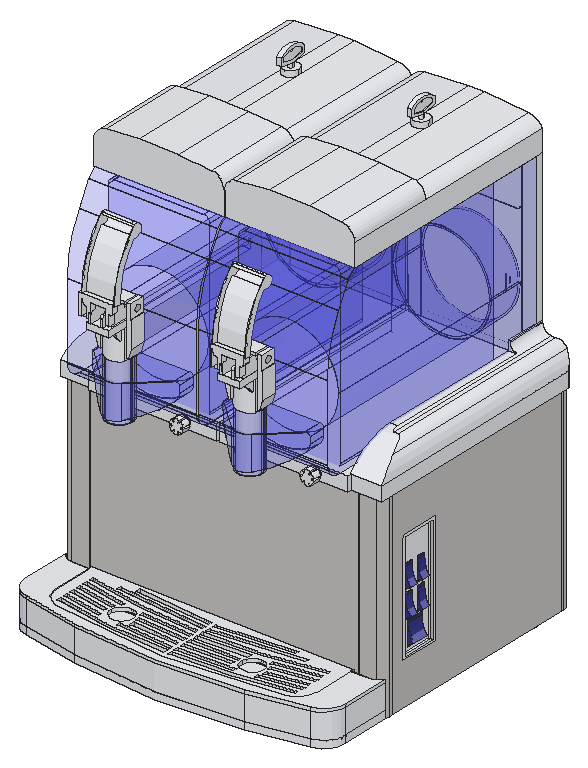
Revit family "QF_ELECTROLUXPROFESSIONAL_560099_SP2New", category Specialty Equipment, Revit 2018 (continued)
Lines and regions (mm)
  symbolic lines
    curve 12: line (2.783, -161.117, 14) -> (2.783, -167.117, 14)
    curve 13: line (2.783, -172.117, 14) -> (2.783, -178.117, 14)
    curve 14: line (2.783, -183.117, 14) -> (2.783, -189.117, 14)
    curve 15: line (2.783, -194.117, 14) -> (2.783, -200.117, 14)
    curve 16: line (2.783, -205.117, 14) -> (2.783, -211.117, 14)
    curve 17: arc (2.783, -211.117, 14) -> (35.925, -210.286, 14) -> (69, -208.033, 14) r 772.106
    curve 18: arc (164.485, -187.256, 14) -> (137.825, -192.623, 14) -> (110.991, -197.04, 14) r 766.106
    curve 19: arc (2.783, -200.117, 14) -> (35.926, -199.274, 14) -> (69, -196.988, 14) r 761.106
    curve 20: arc (69, -190.963, 14) -> (35.926, -193.267, 14) -> (2.783, -194.117, 14) r 755.106
    curve 21: arc (2.783, -189.117, 14) -> (35.228, -188.295, 14) -> (67.608, -186.069, 14) r 750.106
    curve 22: arc (62.063, -180.53, 14) -> (32.449, -182.414, 14) -> (2.783, -183.117, 14) r 744.106
    curve 23: arc (2.783, -178.117, 14) -> (30.123, -177.508, 14) -> (57.422, -175.888, 14) r 739.106
    curve 24: arc (51.822, -170.288, 14) -> (27.318, -171.613, 14) -> (2.783, -172.117, 14) r 733.106
    curve 25: arc (2.783, -167.117, 14) -> (24.968, -166.694, 14) -> (47.129, -165.595, 14) r 728.106
    curve 26: arc (41.464, -159.931, 14) -> (22.132, -160.783, 14) -> (2.783, -161.117, 14) r 722.106
    curve 27: arc (2.783, -156.117, 14) -> (19.755, -155.85, 14) -> (36.715, -155.182, 14) r 717.106
    curve 28: line (164.485, -193.398, 14) -> (164.485, -187.256, 14)
    curve 29: line (164.485, -182.136, 14) -> (164.485, -175.99, 14)
    curve 30: line (164.485, -170.866, 14) -> (164.485, -164.715, 14)
    curve 31: line (164.485, -159.587, 14) -> (164.485, -153.432, 14)
    curve 32: arc (164.485, -153.432, 14) -> (152.163, -156.157, 14) -> (139.797, -158.67, 14) r 733.106
    curve 33: arc (164.485, -164.715, 14) -> (145.534, -168.752, 14) -> (126.484, -172.294, 14) r 744.106
    curve 34: arc (164.485, -175.99, 14) -> (138.736, -181.268, 14) -> (112.82, -185.647, 14) r 755.106
    curve 35: arc (132.277, -166.189, 14) -> (148.418, -163.067, 14) -> (164.485, -159.587, 14) r 739.106
    curve 36: arc (118.814, -179.653, 14) -> (141.717, -175.613, 14) -> (164.485, -170.866, 14) r 750.106
    curve 37: arc (111, -191.985, 14) -> (137.83, -187.538, 14) -> (164.485, -182.136, 14) r 761.106
    curve 38: arc (69, -202.009, 14) -> (35.925, -204.28, 14) -> (2.783, -205.117, 14) r 766.106
    curve 39: arc (111.004, -203.101, 14) -> (137.83, -198.721, 14) -> (164.485, -193.398, 14) r 772.106
    curve 40: line (97.267, -160.486, 14) -> (97.267, -153, 14)
    curve 41: line (82.733, -160.486, 14) -> (82.733, -153, 14)
    curve 42: arc (105.17, -170.997, 14) -> (90.017, -158.677, 14) -> (74.837, -170.964, 14) r 15.5
    curve 43: line (-7, -121.793, 14) -> (9.534, -121.793, 14)
    curve 44: line (-7, -137.647, 14) -> (9.534, -137.647, 14)
    curve 45: line (2.783, -161.117, 14) -> (2.783, -113, 14)
    curve 46: line (-180.657, -118, 14) -> (-180.657, -174.118, 14)
    curve 47: arc (-180.657, -174.118, 14) -> (-173.912, -193.071, 14) -> (-156.71, -203.501, 14) r 30
    curve 48: line (-2.783, -161.117, 14) -> (-2.783, -167.117, 14)
    curve 49: line (-2.783, -172.117, 14) -> (-2.783, -178.117, 14)
    curve 50: line (-2.783, -183.117, 14) -> (-2.783, -189.117, 14)
    curve 51: line (-2.783, -194.117, 14) -> (-2.783, -200.117, 14)
    curve 52: line (-2.783, -205.117, 14) -> (-2.783, -211.117, 14)
    curve 53: arc (-2.783, -211.117, 14) -> (-35.925, -210.286, 14) -> (-69, -208.033, 14) r 772.106
    curve 54: arc (-164.485, -187.256, 14) -> (-137.825, -192.623, 14) -> (-110.991, -197.04, 14) r 766.106
    curve 55: arc (-2.783, -200.117, 14) -> (-35.926, -199.274, 14) -> (-69, -196.988, 14) r 761.106
    curve 56: arc (-69, -190.963, 14) -> (-35.926, -193.267, 14) -> (-2.783, -194.117, 14) r 755.106
    curve 57: arc (-2.783, -189.117, 14) -> (-35.307, -188.291, 14) -> (-67.764, -186.055, 14) r 750.106
    curve 58: arc (-62.01, -180.534, 14) -> (-32.422, -182.416, 14) -> (-2.783, -183.117, 14) r 744.106
    curve 59: arc (-2.783, -178.117, 14) -> (-30.21, -177.505, 14) -> (-57.595, -175.875, 14) r 739.106
    curve 60: arc (-51.822, -170.288, 14) -> (-27.318, -171.613, 14) -> (-2.783, -172.117, 14) r 733.106
    curve 61: arc (-2.783, -167.117, 14) -> (-24.922, -166.696, 14) -> (-47.037, -165.601, 14) r 728.106
    curve 62: arc (-41.44, -159.932, 14) -> (-22.12, -160.783, 14) -> (-2.783, -161.117, 14) r 722.106
    curve 63: arc (-2.783, -156.117, 14) -> (-19.759, -155.85, 14) -> (-36.723, -155.181, 14) r 717.106
    curve 64: line (-164.485, -193.398, 14) -> (-164.485, -187.256, 14)
    curve 65: line (-164.485, -182.136, 14) -> (-164.485, -175.99, 14)
    curve 66: line (-164.485, -170.866, 14) -> (-164.485, -164.715, 14)
    curve 67: line (-164.485, -159.587, 14) -> (-164.485, -153.432, 14)
    curve 68: arc (-164.485, -153.432, 14) -> (-152.209, -156.147, 14) -> (-139.888, -158.652, 14) r 733.106
    curve 69: arc (-164.485, -164.715, 14) -> (-145.359, -168.786, 14) -> (-126.134, -172.354, 14) r 744.106
    curve 70: arc (-164.485, -175.99, 14) -> (-138.838, -181.249, 14) -> (-113.024, -185.616, 14) r 755.106
    curve 71: arc (-132.258, -166.193, 14) -> (-148.408, -163.069, 14) -> (-164.485, -159.587, 14) r 739.106
    curve 72: arc (-118.936, -179.633, 14) -> (-141.778, -175.602, 14) -> (-164.485, -170.866, 14) r 750.106
    curve 73: arc (-111.098, -191.97, 14) -> (-137.879, -187.529, 14) -> (-164.485, -182.136, 14) r 761.106
    curve 74: arc (-69, -202.009, 14) -> (-35.925, -204.28, 14) -> (-2.783, -205.117, 14) r 766.106
    curve 75: arc (-111.004, -203.101, 14) -> (-137.83, -198.721, 14) -> (-164.485, -193.398, 14) r 772.106
    curve 76: line (-97.267, -160.486, 14) -> (-97.267, -153, 14)
    curve 77: line (-82.733, -160.486, 14) -> (-82.733, -153, 14)
    curve 78: arc (-105.172, -171.007, 14) -> (-90.045, -158.677, 14) -> (-74.846, -170.919, 14) r 15.5
    curve 79: line (-2.783, -161.117, 14) -> (-2.783, -113, 14)
    curve 80: arc (73.294, -216.009, 14) -> (0.004, -219.475, 14) -> (-73.287, -216.01, 14) r 776.665
    curve 81: arc (-111.031, -211.498, 14) -> (-133.93, -207.84, 14) -> (-156.71, -203.501, 14) r 776.665
Dimensions and locks
  plane 4 "FEET" to level = 14 mm
  plane 6 "LEFT" to plane 3 "Center (Left/Right)" to plane 7 "RIGHT" = 223.5 mm, 223.5 mm
  locked: plane 6 "LEFT" to plane 7 "RIGHT" at 447
  plane 7 "RIGHT" to plane 6 "LEFT" = 447 mm
  plane 5 "BACK" to plane 12 "FRONT" = 442 mm
  aligned and locked: level to plane 2 "BASE"
Nested families
  nested 1: "SP2_Vasca_L" at (-89.477, 0, 0), type "SP2_Vasca_L"
  nested 2: "SP2_Vasca_R" at (90.523, 0, 0), type "SP2_Vasca_R"
Connectors
  electrical at (-176.5, -31, 4)
    settings: on Extrusion 9, index 1, voltage 0 V, apparent load 0 VA, apparent load phase1 0 VA, apparent load phase2 0 VA, apparent load phase3 0 VA, power factor 1, load classification "Other", number of poles 1, system type 30, power factor state 1, is connector primary yes, connector utility no, sub classification motor no, connector description "Electrical connection"
  electrical at (-176.5, -31, 4)
    settings: on Extrusion 9, index 2, voltage 0 V, apparent load 0 VA, apparent load phase1 0 VA, apparent load phase2 0 VA, apparent load phase3 0 VA, power factor 1, load classification "Other", number of poles 1, system type 30, power factor state 1, is connector primary no, connector utility no, sub classification motor no, connector description ""
Definition of nested family "SP2_Vasca_L"
  Parameters (values of type "SP2_Vasca_L")
    Weight = 28.00 kg
    Watts = 32.5161 W
    Volts = 230 V
    URL Manufacturer = "http://professional.electrolux.com"
    URL = "http://professional.electrolux.com"
    Steam Supply Size = 0 mm
    Steam Supply Minimum Pressure = 0.0 Pa
    Steam Supply Maximum Pressure = 0.0 Pa
    Steam Pounds per Hour = 0
    Refrigeration Suction Line Size = 0 mm
    Refrigeration Liquid Line Size = 0 mm
    Refrigerant Compressor Remote = yes
    Phase = 1
    Model = "SP1ITNK"
    Manufacturer = "Electrolux"
    Length Actual = 262 mm  # constant formula
    Item Number = "560011"
    Hot Water Size = 0 mm
    Height Actual = 612 mm  # constant formula
    HP = "0.5 HP"
    Gas Size = 0 mm
    Gas KW = 0
    Gas Input Pressure = 0 W
    Description = "1X5 LT BOWL - FROZEN GRANITA AND FROZEN CREAM DISPENSER - 1 INSULATED BOWL - WHITE"
    Depth Actual = 427 mm  # constant formula
    Cycle = 50 Hz
    Condensate Return Size = 0 mm
    Compressed Air Volume = 0.0 L/s
    Compressed Air Size = 0 mm
    Compressed Air Pressure = 0.0 Pa
    Cold Water Size = 0 mm
    Accessory = yes
  Reference planes
    plane 1 "Center (Front/Back)": y = 0
    plane 2 "BASE": z = 0
    plane 3 "Center (Left/Right)": x = 0
    plane 4 "FEET": z = 14
    plane 5 "BACK": y = 212
    plane 6 "LEFT": x = -134.023
    plane 7 "RIGHT": x = 134
    plane 8: y = 169
    plane 9: y = -118.5
    plane 10 "Erogatore": through (0, -232.305, 334.252) normal (0, -0.5736, 0.8192)
    plane 11: y = -81
    plane 12 "BackButton": z = 362.798
    plane 13 "SlopeBack": through (0, 294.5, 470.764) normal (0, 0.9659, 0.2588)
    plane 14 "TOP": z = 640
    plane 15 "FRONT": y = -216
  Forms (mm)
    Extrusion 1, solid
      sketch origin (0, 212, 0) x (-1, 0, 0) y (0, 0, 1)
        loop
          circle (0, 394.542) r 65
        loop
          circle (0, 394.542) r 68
      from -59.276 to -10
    Extrusion 2, solid
      sketch origin (0.189, -212, -123.048) x (-1, 0, 0) y (0, 0, 1)
        loop
          line (41.631, 426.74) -> (42.799, 423.85)
          arc (42.799, 423.85) -> (41.998, 423.46) -> (41.26, 422.962) r 6.382
          line (41.26, 422.962) -> (39.342, 425.418)
          arc (39.342, 425.418) -> (36.964, 422.682) -> (35.784, 419.255) r 9.498
          line (35.784, 419.255) -> (38.87, 418.821)
          arc (38.87, 418.821) -> (38.808, 417.933) -> (38.87, 417.045) r 6.382
          line (38.87, 417.045) -> (35.784, 416.611)
          arc (35.784, 416.611) -> (36.964, 413.184) -> (39.342, 410.449) r 9.498
          line (39.342, 410.449) -> (41.26, 412.904)
          arc (41.26, 412.904) -> (41.998, 412.406) -> (42.799, 412.016) r 6.382
          line (42.799, 412.016) -> (41.631, 409.127)
          arc (41.631, 409.127) -> (45.189, 408.435) -> (48.747, 409.127) r 9.498
          line (48.747, 409.127) -> (47.58, 412.016)
          arc (47.58, 412.016) -> (48.38, 412.406) -> (49.118, 412.904) r 6.382
          line (49.118, 412.904) -> (51.037, 410.449)
          arc (51.037, 410.449) -> (53.415, 413.184) -> (54.595, 416.611) r 9.498
          line (54.595, 416.611) -> (51.509, 417.045)
          arc (51.509, 417.045) -> (51.571, 417.933) -> (51.509, 418.821) r 6.382
          line (51.509, 418.821) -> (54.595, 419.255)
          arc (54.595, 419.255) -> (53.415, 422.682) -> (51.037, 425.418) r 9.498
          line (51.037, 425.418) -> (49.118, 422.962)
          arc (49.118, 422.962) -> (48.38, 423.46) -> (47.58, 423.85) r 6.382
          line (47.58, 423.85) -> (48.747, 426.74)
          arc (48.747, 426.74) -> (45.189, 427.431) -> (41.631, 426.74) r 9.498
      from 74.796 to 85.6
    Extrusion 3, solid
      sketch origin (0, 48.357, 801) x (-1, 0, 0) y (0, -1, 0)
        loop
          circle (0, 226.958) r 15.5
      from -371.98 to -493
    Extrusion 4, solid
      sketch origin (0, 48.357, 801) x (-1, 0, 0) y (0, -1, 0)
        loop
          circle (0, 226.958) r 18
        loop
          circle (0, 226.958) r 16
      from -413.102 to -493
    Extrusion 5, solid
      sketch origin (0, 48.357, 801) x (-1, 0, 0) y (0, -1, 0)
        loop
          arc (-15.227, 216.452) -> (0, 208.458) -> (15.227, 216.452) r 18.5
          line (15.227, 216.452) -> (15.227, 237.464)
          arc (15.227, 237.464) -> (0, 245.458) -> (-15.227, 237.464) r 18.5
          line (-15.227, 237.464) -> (-15.227, 216.452)
      from -371.98 to -413.102
    Extrusion 6, solid
      sketch origin (0, 55.382, 805.556) x (-1, 0, 0) y (0, -1, 0)
        loop
          line (15.227, 271.382) -> (-15.227, 271.382) -> (-15.227, 213.658) -> (15.227, 213.658) -> (15.227, 271.382)
      from -368.017 to -376.536
    Extrusion 7, solid
      sketch origin (0, 53.382, -125.444) x (0, 1, 0) y (0, 0, 1)
        loop
          line (-261.382, 594.51) -> (-261.382, 596.294)
          arc (-261.382, 596.294) -> (-255.05, 633.384) -> (-236.771, 666.272) r 111.793
          arc (-236.771, 666.272) -> (-224.219, 671.737) -> (-234.339, 680.956) r 8.155
          arc (-234.339, 680.956) -> (-260.275, 642.108) -> (-269.382, 596.294) r 119.793
          line (-269.382, 596.294) -> (-269.382, 594.51) -> (-261.382, 594.51)
      from 23.02 to -23.02
    Extrusion 8, void
      sketch origin (0, -212, -130.102) x (-1, 0, 0) y (0, 0, 1)
        loop
          line (-23.02, 594.51) -> (-23.02, 567.641) -> (-15.227, 567.641) -> (-15.227, 586.659)
          arc (-15.227, 586.659) -> (-20.449, 589.269) -> (-23.02, 594.51) r 9.122
        loop
          arc (23.02, 594.51) -> (20.449, 589.269) -> (15.227, 586.659) r 9.122
          line (15.227, 586.659) -> (15.227, 567.641) -> (23.02, 567.641) -> (23.02, 594.51)
        loop
          line (-10.018, 592.641) -> (-10.018, 567.641) -> (9.982, 567.641) -> (9.982, 592.641) -> (-10.018, 592.641)
      from 4 to -4
    Extrusion 9, void
      sketch origin (0, 53.382, -125.444) x (0, 1, 0) y (0, 0, 1)
        loop
          arc (-238.506, 676.569) -> (-261.397, 639.298) -> (-269.382, 596.294) r 119.793
          line (-269.382, 596.294) -> (-262.382, 596.294)
          arc (-262.382, 596.294) -> (-255.831, 634.173) -> (-236.94, 667.653) r 112.793
          arc (-236.94, 667.653) -> (-225.218, 674.307) -> (-238.506, 676.569) r 7.155
      from 22 to -22
    Extrusion 10, solid
      sketch origin (-134.023, 53.382, -125.444) x (0, 1, 0) y (0, 0, 1)
        loop
          line (-261.382, 596.294) -> (-269.382, 596.294) -> (-269.382, 567.641) -> (-261.382, 567.641) -> (-261.382, 596.294)
      from 154.02 to 107.98
    Extrusion 11, solid
      sketch origin (-134.023, 55.382, -130.102) x (0, 1, 0) y (0, 0, 1)
        loop
          line (-263.382, 567.641) -> (-223.382, 567.641) -> (-223.382, 587.641) -> (-256.513, 587.641)
          arc (-256.513, 587.641) -> (-261.37, 589.653) -> (-263.382, 594.51) r 6.869
          line (-263.382, 594.51) -> (-263.382, 567.641)
      from 115.773 to 107.98
    Extrusion 12, solid
      sketch origin (-134.023, 55.382, -130.102) x (0, 1, 0) y (0, 0, 1)
        loop
          line (-263.382, 567.641) -> (-224.483, 567.641) -> (-224.483, 587.641) -> (-256.513, 587.641)
          arc (-256.513, 587.641) -> (-261.37, 589.653) -> (-263.382, 594.51) r 6.869
          line (-263.382, 594.51) -> (-263.382, 567.641)
      from 115.773 to 121.018
    Extrusion 13, solid
      sketch origin (-134.023, 55.382, -125.444) x (0, 1, 0) y (0, 0, 1)
        loop
          line (-248.575, 539.464) -> (-246.902, 539.464) -> (-246.902, 554.464) -> (-261.615, 554.464) -> (-248.575, 539.464)
      from 115.773 to 118.85
    Extrusion 14, solid
      sketch origin (-134.023, 55.382, -125.444) x (0, 1, 0) y (0, 0, 1)
        loop
          line (-246.902, 554.464) -> (-261.615, 554.464) -> (-248.575, 539.464) -> (-246.902, 539.464) -> (-246.902, 554.464)
      from 143.221 to 146.227
    Extrusion 15, solid
      sketch origin (-134.023, 55.382, -125.444) x (0, 1, 0) y (0, 0, 1)
        loop
          line (-263.382, 562.983) -> (-224.483, 562.983) -> (-224.483, 582.983) -> (-256.513, 582.983)
          arc (-256.513, 582.983) -> (-261.37, 584.995) -> (-263.382, 589.852) r 6.869
          line (-263.382, 589.852) -> (-263.382, 562.983)
      from 141.018 to 146.227
    Extrusion 16, solid
      sketch origin (-134.023, 53.382, -130.102) x (0, 1, 0) y (0, 0, 1)
        loop
          line (-269.382, 567.641) -> (-221.382, 567.641) -> (-221.382, 586.659) -> (-258.382, 586.659)
          arc (-258.382, 586.659) -> (-260.503, 585.78) -> (-261.382, 583.659) r 3
          line (-261.382, 583.659) -> (-261.382, 582.15) -> (-266.382, 582.15)
          arc (-266.382, 582.15) -> (-268.503, 581.271) -> (-269.382, 579.15) r 3
          line (-269.382, 579.15) -> (-269.382, 567.641)
      from 124.546 to 121.018
    Extrusion 17, solid
      sketch origin (-134.023, 65.803, -125.444) x (0, 1, 0) y (0, 0, 1)
        loop
          line (-281.803, 562.983) -> (-234.904, 562.983) -> (-234.904, 582.001) -> (-270.803, 582.001)
          arc (-270.803, 582.001) -> (-272.924, 581.122) -> (-273.803, 579.001) r 3
          line (-273.803, 579.001) -> (-273.803, 577.492) -> (-278.803, 577.492)
          arc (-278.803, 577.492) -> (-280.924, 576.613) -> (-281.803, 574.492) r 3
          line (-281.803, 574.492) -> (-281.803, 562.983)
      from 137.49 to 141.018
    Extrusion 18, solid
      sketch origin (0, -212, -125.444) x (-1, 0, 0) y (0, 0, 1)
        loop
          line (-18, 517.898) -> (-18, 586.659) -> (-23.482, 586.659) -> (-23.482, 567.641) -> (-24.969, 567.641) -> (-24.969, 530.88) -> (-21, 517.898) -> (-18, 517.898)
        loop
          line (18, 517.898) -> (21, 517.898) -> (24.969, 530.88) -> (24.969, 567.641) -> (23.482, 567.641) -> (23.482, 586.659) -> (18, 586.659) -> (18, 517.898)
      from 43.905 to 22.893
    Extrusion 19, solid
      sketch origin (0, 65.803, 805.556) x (-1, 0, 0) y (0, -1, 0)
        loop
          line (-15.227, 254.91) -> (-15.227, 233.898) -> (15.227, 233.898) -> (15.227, 254.91) -> (-15.227, 254.91)
      from -344.341 to -348.017
    Extrusion 20, void
      sketch origin (0, 56.778, -130) x (0, 1, 0) y (0, 0, 1)
        loop
          circle (-234.353, 582.005) r 3.978
      from 24.969 to -24.969
    Extrusion 21, solid
      sketch origin (0, 56.226, -130) x (0, 1, 0) y (0, 0, 1)
        loop
          circle (-234.353, 582.005) r 3.978
      from 24 to -24
    Extrusion 22, void
      sketch origin (-27, 240.916, -119) x (0, 0, 1) y (-1, 0, 0)
        loop
          line (496.312, -81.169) -> (519.521, -81.169)
          arc (519.521, -81.169) -> (523.021, -77.669) -> (519.521, -74.169) r 3.5
          line (519.521, -74.169) -> (496.312, -74.169)
          arc (496.312, -74.169) -> (492.812, -77.669) -> (496.312, -81.169) r 3.5
      from 28.916 to 38.079
    Extrusion 23, solid
      sketch origin (-27, 240.916, -119) x (0, 0, 1) y (-1, 0, 0)
        loop
          line (507.945, -79.669) -> (517.521, -79.669) -> (517.521, -75.669) -> (507.945, -75.669) -> (507.945, -79.669)
      from 32.664 to 38.079
    Extrusion 24, void
      sketch origin (0, 0, 0) x (0, 1, 0) y (0, 0, 1)
        loop
          line (157, 351) -> (-115.977, 351) -> (-115.977, 306)
          arc (-115.977, 306) -> (-85.566, 329.6) -> (-48, 338) r 88.201
          line (-48, 338) -> (157, 338) -> (157, 351)
      from -135 to 135
    Extrusion 25, solid
      sketch origin (0, 212, 0) x (-1, 0, 0) y (0, 0, 1)
        loop
          circle (0, 394.542) r 68
        loop
          line (69.972, 309) -> (69.972, 543)
          arc (69.972, 543) -> (67.629, 548.657) -> (61.972, 551) r 8
          line (61.972, 551) -> (-62.028, 551)
          arc (-62.028, 551) -> (-67.685, 548.657) -> (-70.028, 543) r 8
          line (-70.028, 543) -> (-70.028, 308.956)
          arc (-70.028, 308.956) -> (-67.698, 303.33) -> (-62.072, 301) r 7.956
          line (-62.072, 301) -> (61.972, 301)
          arc (61.972, 301) -> (67.629, 303.343) -> (69.972, 309) r 8
      from -59.276 to -322.829
    Extrusion 26, solid
      sketch origin (0, 212, 0) x (-1, 0, 0) y (0, 0, 1)
        loop
          line (90.028, 558.048) -> (90.028, 589.456)
          arc (90.028, 589.456) -> (84.981, 602.738) -> (72.387, 609.316) r 20
          arc (72.387, 609.316) -> (49.793, 611.577) -> (27.131, 613) r 613.713
          line (27.131, 613) -> (-27.131, 613)
          arc (-27.131, 613) -> (-49.793, 611.577) -> (-72.387, 609.316) r 613.713
          arc (-72.387, 609.316) -> (-84.981, 602.738) -> (-90.028, 589.456) r 20
          line (-90.028, 589.456) -> (-90.028, 558.048) -> (90.028, 558.048)
      from 0 to -322.829
    Extrusion 27, solid
      sketch origin (0, -212, 0) x (-1, 0, 0) y (0, 0, 1)
        loop
          line (88, 306) -> (-88, 306) -> (-88, 286) -> (88, 286) -> (88, 306)
      from 90.501 to 414
    Extrusion 28, solid
      sketch origin (-0.189, -212, -123.048) x (1, 0, 0) y (0, 0, -1)
        loop
          arc (41.631, -426.74) -> (45.189, -427.431) -> (48.747, -426.74) r 9.498
          line (48.747, -426.74) -> (47.58, -423.85)
          arc (47.58, -423.85) -> (48.38, -423.46) -> (49.118, -422.962) r 6.382
          line (49.118, -422.962) -> (51.037, -425.418)
          arc (51.037, -425.418) -> (53.415, -422.682) -> (54.595, -419.255) r 9.498
          line (54.595, -419.255) -> (51.509, -418.821)
          arc (51.509, -418.821) -> (51.571, -417.933) -> (51.509, -417.045) r 6.382
          line (51.509, -417.045) -> (54.595, -416.611)
          arc (54.595, -416.611) -> (53.415, -413.184) -> (51.037, -410.449) r 9.498
          line (51.037, -410.449) -> (49.118, -412.904)
          arc (49.118, -412.904) -> (48.38, -412.406) -> (47.58, -412.016) r 6.382
          line (47.58, -412.016) -> (48.747, -409.127)
          arc (48.747, -409.127) -> (45.189, -408.435) -> (41.631, -409.127) r 9.498
          line (41.631, -409.127) -> (42.799, -412.016)
          arc (42.799, -412.016) -> (41.998, -412.406) -> (41.26, -412.904) r 6.382
          line (41.26, -412.904) -> (39.342, -410.449)
          arc (39.342, -410.449) -> (36.964, -413.184) -> (35.784, -416.611) r 9.498
          line (35.784, -416.611) -> (38.87, -417.045)
          arc (38.87, -417.045) -> (38.808, -417.933) -> (38.87, -418.821) r 6.382
          line (38.87, -418.821) -> (35.784, -419.255)
          arc (35.784, -419.255) -> (36.964, -422.682) -> (39.342, -425.418) r 9.498
          line (39.342, -425.418) -> (41.26, -422.962)
          arc (41.26, -422.962) -> (41.998, -423.46) -> (42.799, -423.85) r 6.382
          line (42.799, -423.85) -> (41.631, -426.74)
      from 74.796 to 85.6
    Extrusion 29, solid
      sketch origin (-134.023, 55.382, -125.444) x (0, 1, 0) y (0, 0, 1)
        loop
          line (-261.615, 554.464) -> (-248.575, 539.464) -> (-246.902, 539.464) -> (-246.902, 554.464) -> (-261.615, 554.464)
      from 143.221 to 146.227
    Extrusion 30, void
      sketch origin (0, 0, 14) x (-1, 0, 0) y (0, -1, 0)
        loop
          line (68.799, 141.983) -> (68.799, 216) -> (-68.799, 216) -> (-68.799, 141.983) -> (-14.053, 193.527)
          arc (-14.053, 193.527) -> (0, 199.101) -> (14.053, 193.527) r 20.5
          line (14.053, 193.527) -> (68.799, 141.983)
      from 285.914 to 353.792
    Extrusion 31, solid
      sketch origin (0, -212, 0) x (-1, 0, 0) y (0, 0, 1)
        loop
          line (55, 361.368) -> (-55, 361.368)
          arc (-55, 361.368) -> (-58.536, 359.903) -> (-60, 356.368) r 5
          line (-60, 356.368) -> (-60, 346.588)
          arc (-60, 346.588) -> (-58.765, 340.628) -> (-55.264, 335.649) r 15
          arc (-55.264, 335.649) -> (0, 313.78) -> (55.264, 335.649) r 80.762
          arc (55.264, 335.649) -> (58.765, 340.628) -> (60, 346.588) r 15
          line (60, 346.588) -> (60, 356.368)
          arc (60, 356.368) -> (58.536, 359.903) -> (55, 361.368) r 5
      from 85.6 to 6.421
    Extrusion 32, solid
      sketch origin (0.031, 16.704, -263) x (0, 1, 0) y (0, 0, 1)
        loop
          line (99.092, 881.377) -> (118.655, 885.535) -> (118.655, 895.535)
          arc (118.655, 895.535) -> (99.092, 903) -> (79.529, 895.535) r 29.367
          line (79.529, 895.535) -> (79.529, 885.535) -> (99.092, 881.377)
        loop
          arc (115.655, 894.149) -> (99.092, 900) -> (82.529, 894.149) r 26.367
          line (82.529, 894.149) -> (82.529, 887.965) -> (99.092, 884.444) -> (115.655, 887.965) -> (115.655, 894.149)
      from -3 to 3
    Extrusion 33, solid
      sketch origin (0.031, 16.704, -263) x (0, 1, 0) y (0, 0, 1)
        loop
          line (115.655, 887.965) -> (115.655, 894.149)
          arc (115.655, 894.149) -> (99.092, 900) -> (82.529, 894.149) r 26.367
          line (82.529, 894.149) -> (82.529, 887.965) -> (99.092, 884.444) -> (115.655, 887.965)
        loop
          circle (99.092, 896.274) r 2.509
      from 1 to -1
    Extrusion 34, solid
      sketch origin (0.031, 16.704, 667) x (-1, 0, 0) y (0, -1, 0)
        loop
          circle (0, -99.092) r 3
      from -45.737 to -54
    Extrusion 35, solid
      sketch origin (0, -70, 0) x (1, 0, 0) y (0, 1, 0)
        loop
          circle (0.031, 185.796) r 11
      from 606 to 613
    Extrusion 36, solid
      sketch origin (0, 0, 0) x (0, 1, 0) y (0, 0, 1)
        loop
          arc (-158.276, 334.912) -> (-152.418, 320.769) -> (-138.276, 314.912) r 20
          line (-138.276, 314.912) -> (202, 314.912) -> (202, 558.048) -> (-103.948, 558.048)
          arc (-103.948, 558.048) -> (-114.098, 555.281) -> (-121.44, 547.744) r 20
          line (-121.44, 547.744) -> (-138.215, 517.481)
          arc (-138.215, 517.481) -> (-153.18, 479.972) -> (-158.276, 439.912) r 160
          line (-158.276, 439.912) -> (-158.276, 334.912)
      from -88 to 90.028
    Extrusion 37, void
      sketch origin (0, 212, 0) x (-1, 0, 0) y (0, 0, 1)
        loop
          line (90.028, 588.856) -> (96.254, 588.856) -> (96.254, 613.856) -> (-100.028, 613.856) -> (-100.028, 588.856) -> (-90.028, 588.856)
          arc (-90.028, 588.856) -> (-82.37, 597.635) -> (-71.481, 601.774) r 24
          arc (-71.481, 601.774) -> (-41.299, 604.942) -> (-10.969, 606) r 435.39
          line (-10.969, 606) -> (10.969, 606)
          arc (10.969, 606) -> (41.299, 604.942) -> (71.481, 601.774) r 435.39
          arc (71.481, 601.774) -> (82.37, 597.635) -> (90.028, 588.856) r 24
      from 0 to -201.493
    Extrusion 38, solid
      sketch origin (0, 212, 0) x (-1, 0, 0) y (0, 0, 1)
        loop
          line (-90.028, 558.048) -> (-90.028, 286) -> (88, 286) -> (88, 558.048) -> (-90.028, 558.048)
        loop
          arc (61.972, 301) -> (67.629, 303.343) -> (69.972, 309) r 8
          line (69.972, 309) -> (69.972, 543)
          arc (69.972, 543) -> (67.629, 548.657) -> (61.972, 551) r 8
          line (61.972, 551) -> (-62.028, 551)
          arc (-62.028, 551) -> (-67.685, 548.657) -> (-70.028, 543) r 8
          line (-70.028, 543) -> (-70.028, 308.956)
          arc (-70.028, 308.956) -> (-67.698, 303.33) -> (-62.072, 301) r 7.956
          line (-62.072, 301) -> (61.972, 301)
      from 0 to -10
    Extrusion 39, solid
      sketch origin (0, 212, 0) x (-1, 0, 0) y (0, 0, 1)
        loop
          arc (-70.028, 308.956) -> (-67.698, 303.33) -> (-62.072, 301) r 7.956
          line (-62.072, 301) -> (61.972, 301)
          arc (61.972, 301) -> (67.629, 303.343) -> (69.972, 309) r 8
          line (69.972, 309) -> (69.972, 493.849)
          arc (69.972, 493.849) -> (67.629, 488.193) -> (61.972, 485.849) r 8
          line (61.972, 485.849) -> (-62.028, 485.849)
          arc (-62.028, 485.849) -> (-67.685, 488.193) -> (-70.028, 493.849) r 8
          line (-70.028, 493.849) -> (-70.028, 308.956)
      from 0 to -10
    Extrusion 40, solid
      sketch origin (0, 212, 0) x (-1, 0, 0) y (0, 0, 1)
        loop
          line (-70.028, 543) -> (-70.028, 493.849)
          arc (-70.028, 493.849) -> (-67.685, 488.193) -> (-62.028, 485.849) r 8
          line (-62.028, 485.849) -> (61.972, 485.849)
          arc (61.972, 485.849) -> (67.629, 488.193) -> (69.972, 493.849) r 8
          line (69.972, 493.849) -> (69.972, 543)
          arc (69.972, 543) -> (67.629, 548.657) -> (61.972, 551) r 8
          line (61.972, 551) -> (-62.028, 551)
          arc (-62.028, 551) -> (-67.685, 548.657) -> (-70.028, 543) r 8
      from 0 to -10
    Extrusion 41, void
      sketch origin (0, 212, 0) x (-1, 0, 0) y (0, 0, 1)
        loop
          arc (-74.482, 439.575) -> (-77.31, 438.403) -> (-78.482, 435.575) r 4
          line (-78.482, 435.575) -> (-78.482, 426.169)
          arc (-78.482, 426.169) -> (-77.31, 423.34) -> (-74.482, 422.169) r 4
          line (-74.482, 422.169) -> (-42.482, 422.169)
          arc (-42.482, 422.169) -> (-39.653, 423.34) -> (-38.482, 426.169) r 4
          line (-38.482, 426.169) -> (-38.482, 435.575)
          arc (-38.482, 435.575) -> (-39.653, 438.403) -> (-42.482, 439.575) r 4
          line (-42.482, 439.575) -> (-74.482, 439.575)
      from 0 to -2
    Extrusion 42, solid
      sketch origin (0, 212, 0) x (-1, 0, 0) y (0, 0, 1)
        loop
          arc (-74.482, 438.575) -> (-76.603, 437.696) -> (-77.482, 435.575) r 3
          line (-77.482, 435.575) -> (-77.482, 426.169)
          arc (-77.482, 426.169) -> (-76.603, 424.047) -> (-74.482, 423.169) r 3
          line (-74.482, 423.169) -> (-42.482, 423.169)
          arc (-42.482, 423.169) -> (-40.36, 424.047) -> (-39.482, 426.169) r 3
          line (-39.482, 426.169) -> (-39.482, 435.575)
          arc (-39.482, 435.575) -> (-40.36, 437.696) -> (-42.482, 438.575) r 3
          line (-42.482, 438.575) -> (-74.482, 438.575)
      from 0 to -2
    Extrusion 43, void
      sketch origin (0, 212, 0) x (-1, 0, 0) y (0, 0, 1)
        loop
          line (88, 350.533) -> (86, 350.533) -> (86, 286) -> (88, 286) -> (88, 350.533)
      from 0 to -10
    Extrusion 44, solid
      sketch origin (0.189, -212, -123.048) x (-1, 0, 0) y (0, 0, 1)
        loop
          circle (45.189, 417.933) r 6.382
      from 90.501 to 85.6
    Extrusion 45, solid
      sketch origin (-0.189, -212, -123.048) x (1, 0, 0) y (0, 0, -1)
        loop
          circle (45.189, -417.933) r 6.382
      from 85.6 to 90.501
    Extrusion 46, solid
      sketch origin (0, 212, 0) x (1, 0, 0) y (0, 0, -1)
        loop
          line (-88, -286) -> (-131, -286) -> (-131, -306)
          arc (-131, -306) -> (-129.118, -317.88) -> (-123.658, -328.597) r 38.445
          arc (-123.658, -328.597) -> (-117.695, -334.961) -> (-109.296, -337.309) r 16.194
          line (-109.296, -337.309) -> (-102.317, -337.309)
          arc (-102.317, -337.309) -> (-93.627, -340.909) -> (-90.028, -349.598) r 12.289
          line (-90.028, -349.598) -> (-90.028, -351) -> (-88, -351) -> (-88, -286)
      from 0 to -327.977
    Extrusion 47, void
      sketch origin (89.477, 0, 0) x (-1, 0, 0) y (0, -1, 0)
        loop
          line (210.523, -212) -> (223.5, -212) -> (223.5, -199.023)
          arc (223.5, -199.023) -> (219.699, -208.199) -> (210.523, -212) r 12.977
      from 338 to 286
  Cuts and joins
    Extrusion 8 cuts Extrusion 6
    Extrusion 8, Extrusion 9 cuts Extrusion 7
    Extrusion 8 cuts Extrusion 10
    joined: Extrusion 7, Extrusion 10, Extrusion 11
    joined: Extrusion 5, Extrusion 14
    Extrusion 20 cuts Extrusion 12
    Extrusion 20 cuts Extrusion 15
    Extrusion 20 cuts Extrusion 16
    Extrusion 20 cuts Extrusion 17
    Extrusion 20 cuts Extrusion 18
    Extrusion 22 cuts Extrusion 25
    Extrusion 30 cuts Extrusion 31
    Extrusion 22, Extrusion 41, Extrusion 43 cuts Extrusion 38
    Extrusion 22, Extrusion 41 cuts Extrusion 39
    Extrusion 37 cuts Extrusion 26
    Extrusion 24, Extrusion 47 cuts Extrusion 46
  Lines and regions (mm)
    symbolic lines
      curve 1: line (89.477, 212, 14) -> (89.477, 30.512, 14)
      curve 2: arc (89.477, 30.512, 14) -> (83.619, 16.37, 14) -> (69.477, 10.512, 14) r 20
      curve 3: arc (-90.523, 30.512, 14) -> (-84.665, 16.37, 14) -> (-70.523, 10.512, 14) r 20
      curve 4: line (-90.523, 30.512, 14) -> (-90.523, -113, 14)
      curve 5: line (2.977, 135.359, 14) -> (-3.023, 135.359, 14)
      curve 6: line (2.977, 96.233, 14) -> (2.977, 135.359, 14)
      curve 7: line (-3.023, 96.233, 14) -> (2.977, 96.233, 14)
      curve 8: line (-3.023, 135.359, 14) -> (-3.023, 96.233, 14)
      curve 9: arc (2.977, 105.213, 14) -> (10.977, 115.796, 14) -> (2.977, 126.379, 14) r 11
      curve 10: arc (-3.023, 126.379, 14) -> (-11.023, 115.796, 14) -> (-3.023, 105.213, 14) r 11
      curve 11: arc (89.477, -93, 14) -> (82.183, -87.573, 14) -> (73.338, -85.474, 14) r 22.513
      curve 12: arc (-90.523, -93, 14) -> (-83.229, -87.573, 14) -> (-74.384, -85.474, 14) r 22.513
      curve 13: arc (73.338, -85.474, 14) -> (-0.523, -83, 14) -> (-74.384, -85.474, 14) r 1103.745
      curve 14: line (-0.523, -113, 14) -> (-0.523, -171, 14)
      curve 15: line (82.477, -113, 14) -> (82.477, -153, 14)
      curve 16: line (-80.989, -113, 14) -> (-80.989, -153, 14)
      curve 17: line (-80.989, -153, 14) -> (82.477, -153, 14)
      curve 18: line (-50.989, -153, 14) -> (-21.523, -182.466, 14)
      curve 19: line (20.477, -216, 14) -> (-21.523, -216, 14)
      curve 20: line (-21.523, -216, 14) -> (-21.523, -171, 14)
      curve 21: line (-21.523, -171, 14) -> (20.477, -171, 14)
      curve 22: line (-16.523, -216, 14) -> (-16.523, -181, 14)
      curve 23: line (-16.523, -181, 14) -> (14.477, -181, 14)
      curve 24: line (14.477, -196, 14) -> (-16.523, -196, 14)
      curve 25: line (-55.989, -153, 14) -> (-21.523, -187.466, 14)
      curve 26: line (49.943, -153, 14) -> (20.477, -182.466, 14)
      curve 27: line (54.943, -153, 14) -> (20.477, -187.466, 14)
      curve 28: line (20.477, -216, 14) -> (20.477, -171, 14)
      curve 29: line (14.477, -216, 14) -> (14.477, -181, 14)
      curve 30: line (-121.046, 212, 14) -> (89.477, 212, 14)
      curve 31: line (-90.523, 212, 14) -> (-90.523, 30.512, 14)
      curve 32: line (-90.523, -113, 14) -> (89.477, -113, 14)
      curve 33: line (89.477, -113, 14) -> (89.477, 30.512, 14)
      curve 34: line (-70.523, 10.512, 0) -> (69.477, 10.512, 0)
      curve 35: arc (-114.023, -118, 14) -> (-128.165, -112.142, 14) -> (-134.023, -98, 14) r 20
      curve 36: line (-112.023, 212, 14) -> (-112.023, -50, 14)
      curve 37: line (-112.023, -50, 14) -> (-129.023, -50, 14)
      curve 38: line (-129.023, -50, 14) -> (-129.023, 209.259, 14)
      curve 39: arc (-121.046, 212, 14) -> (-130.222, 208.199, 14) -> (-134.023, 199.023, 14) r 12.977
      curve 40: line (-112.023, -50, 14) -> (-112.023, -67.775, 14)
      curve 41: arc (-112.023, -67.775, 14) -> (-113.99, -92.763, 14) -> (-119.841, -117.135, 14) r 159.732
      curve 42: line (-129.023, -50, 14) -> (-134.023, -85.577, 14)
      curve 43: line (-90.523, 157, 14) -> (-105.523, 157, 14)
      curve 44: line (-105.523, 157, 14) -> (-105.523, -88, 14)
      curve 45: arc (-105.523, -88, 14) -> (-104.059, -99.123, 14) -> (-99.765, -109.488, 14) r 42.977
      curve 46: line (-99.765, -109.488, 14) -> (-90.523, -109.488, 14)
      curve 47: line (-134.023, 199.023, 14) -> (-134.023, -98, 14)
      curve 48: line (-80.989, -118, 14) -> (-114.023, -118, 14)
  Dimensions and locks
    plane 4 "FEET" to level = 14 mm
    plane 6 "LEFT" to plane 3 "Center (Left/Right)" to plane 7 "RIGHT" = 134.023 mm, 134 mm
    plane 5 "BACK" to plane 1 "Center (Front/Back)" = 212 mm
    plane 6 "LEFT" to plane 7 "RIGHT" = 268.023 mm
    plane 5 "BACK" to plane 8 = 43 mm
    plane 8 to plane 11 = 250 mm
    plane 14 "TOP" to level = 640 mm
    plane 15 "FRONT" to plane 5 "BACK" = 428 mm
    plane 5 "BACK" to plane 15 "FRONT" = 428 mm
    Extrusion 35 to level = 613 mm
    Extrusion 35 to level = 606 mm
    aligned and locked: level to plane 2 "BASE"
Definition of nested family "SP2_Vasca_R"
  Parameters (values of type "SP2_Vasca_R")
    Weight = 28.00 kg
    Watts = 32.5161 W
    Volts = 230 V
    URL Manufacturer = "http://professional.electrolux.com"
    URL = "http://professional.electrolux.com"
    Steam Supply Size = 0 mm
    Steam Supply Minimum Pressure = 0.0 Pa
    Steam Supply Maximum Pressure = 0.0 Pa
    Steam Pounds per Hour = 0
    Refrigeration Suction Line Size = 0 mm
    Refrigeration Liquid Line Size = 0 mm
    Refrigerant Compressor Remote = yes
    Phase = 1
    Model = "SP1ITNK"
    Manufacturer = "Electrolux"
    Length Actual = 262 mm  # constant formula
    Item Number = "560011"
    Hot Water Size = 0 mm
    Height Actual = 612 mm  # constant formula
    HP = "0.5 HP"
    Gas Size = 0 mm
    Gas KW = 0
    Gas Input Pressure = 0 W
    Description = "1X5 LT BOWL - FROZEN GRANITA AND FROZEN CREAM DISPENSER - 1 INSULATED BOWL - WHITE"
    Depth Actual = 427 mm  # constant formula
    Cycle = 50 Hz
    Condensate Return Size = 0 mm
    Compressed Air Volume = 0.0 L/s
    Compressed Air Size = 0 mm
    Compressed Air Pressure = 0.0 Pa
    Cold Water Size = 0 mm
    Accessory = yes
  Reference planes
    plane 1 "Center (Front/Back)": y = 0
    plane 2 "BASE": z = 0
    plane 3 "Center (Left/Right)": x = 0
    plane 4 "FEET": z = 14
    plane 5 "BACK": y = 212
    plane 6 "LEFT": x = -133
    plane 7 "RIGHT": x = 133
    plane 8: y = 169
    plane 9: y = -118.5
    plane 10 "Erogatore": through (0, -232.305, 334.252) normal (0, -0.5736, 0.8192)
    plane 11: y = -81
    plane 12 "BackButton": z = 362.798
    plane 13 "SlopeBack": through (0, 294.5, 470.764) normal (0, 0.9659, 0.2588)
    plane 14 "TOP": z = 640
    plane 15 "FRONT": y = -216
  Forms (mm)
    Extrusion 1, solid
      sketch origin (0, 212, 0) x (-1, 0, 0) y (0, 0, 1)
        loop
          circle (0, 394.542) r 65
        loop
          circle (0, 394.542) r 68
      from -59.276 to -10
    Extrusion 2, solid
      sketch origin (0.189, -212, -123.048) x (-1, 0, 0) y (0, 0, 1)
        loop
          line (41.631, 426.74) -> (42.799, 423.85)
          arc (42.799, 423.85) -> (41.998, 423.46) -> (41.26, 422.962) r 6.382
          line (41.26, 422.962) -> (39.342, 425.418)
          arc (39.342, 425.418) -> (36.964, 422.682) -> (35.784, 419.255) r 9.498
          line (35.784, 419.255) -> (38.87, 418.821)
          arc (38.87, 418.821) -> (38.808, 417.933) -> (38.87, 417.045) r 6.382
          line (38.87, 417.045) -> (35.784, 416.611)
          arc (35.784, 416.611) -> (36.964, 413.184) -> (39.342, 410.449) r 9.498
          line (39.342, 410.449) -> (41.26, 412.904)
          arc (41.26, 412.904) -> (41.998, 412.406) -> (42.799, 412.016) r 6.382
          line (42.799, 412.016) -> (41.631, 409.127)
          arc (41.631, 409.127) -> (45.189, 408.435) -> (48.747, 409.127) r 9.498
          line (48.747, 409.127) -> (47.58, 412.016)
          arc (47.58, 412.016) -> (48.38, 412.406) -> (49.118, 412.904) r 6.382
          line (49.118, 412.904) -> (51.037, 410.449)
          arc (51.037, 410.449) -> (53.415, 413.184) -> (54.595, 416.611) r 9.498
          line (54.595, 416.611) -> (51.509, 417.045)
          arc (51.509, 417.045) -> (51.571, 417.933) -> (51.509, 418.821) r 6.382
          line (51.509, 418.821) -> (54.595, 419.255)
          arc (54.595, 419.255) -> (53.415, 422.682) -> (51.037, 425.418) r 9.498
          line (51.037, 425.418) -> (49.118, 422.962)
          arc (49.118, 422.962) -> (48.38, 423.46) -> (47.58, 423.85) r 6.382
          line (47.58, 423.85) -> (48.747, 426.74)
          arc (48.747, 426.74) -> (45.189, 427.431) -> (41.631, 426.74) r 9.498
      from 74.796 to 85.6
    Extrusion 3, solid
      sketch origin (0, 48.357, 801) x (-1, 0, 0) y (0, -1, 0)
        loop
          circle (0, 226.958) r 15.5
      from -371.98 to -493
    Extrusion 4, solid
      sketch origin (0, 48.357, 801) x (-1, 0, 0) y (0, -1, 0)
        loop
          circle (0, 226.958) r 18
        loop
          circle (0, 226.958) r 16
      from -413.102 to -493
    Extrusion 5, solid
      sketch origin (0, 48.357, 801) x (-1, 0, 0) y (0, -1, 0)
        loop
          arc (-15.227, 216.452) -> (0, 208.458) -> (15.227, 216.452) r 18.5
          line (15.227, 216.452) -> (15.227, 237.464)
          arc (15.227, 237.464) -> (0, 245.458) -> (-15.227, 237.464) r 18.5
          line (-15.227, 237.464) -> (-15.227, 216.452)
      from -371.98 to -413.102
    Extrusion 6, solid
      sketch origin (0, 55.382, 805.556) x (-1, 0, 0) y (0, -1, 0)
        loop
          line (15.227, 271.382) -> (-15.227, 271.382) -> (-15.227, 213.658) -> (15.227, 213.658) -> (15.227, 271.382)
      from -368.017 to -376.536
    Extrusion 7, solid
      sketch origin (0, 53.382, -125.444) x (0, 1, 0) y (0, 0, 1)
        loop
          line (-261.382, 594.51) -> (-261.382, 596.294)
          arc (-261.382, 596.294) -> (-255.05, 633.384) -> (-236.771, 666.272) r 111.793
          arc (-236.771, 666.272) -> (-224.219, 671.737) -> (-234.339, 680.956) r 8.155
          arc (-234.339, 680.956) -> (-260.275, 642.108) -> (-269.382, 596.294) r 119.793
          line (-269.382, 596.294) -> (-269.382, 594.51) -> (-261.382, 594.51)
      from 23.02 to -23.02
    Extrusion 8, void
      sketch origin (0, -212, -130.102) x (-1, 0, 0) y (0, 0, 1)
        loop
          line (-23.02, 594.51) -> (-23.02, 567.641) -> (-15.227, 567.641) -> (-15.227, 586.659)
          arc (-15.227, 586.659) -> (-20.449, 589.269) -> (-23.02, 594.51) r 9.122
        loop
          arc (23.02, 594.51) -> (20.449, 589.269) -> (15.227, 586.659) r 9.122
          line (15.227, 586.659) -> (15.227, 567.641) -> (23.02, 567.641) -> (23.02, 594.51)
        loop
          line (-10.018, 592.641) -> (-10.018, 567.641) -> (9.982, 567.641) -> (9.982, 592.641) -> (-10.018, 592.641)
      from 4 to -4
    Extrusion 9, void
      sketch origin (0, 53.382, -125.444) x (0, 1, 0) y (0, 0, 1)
        loop
          arc (-238.506, 676.569) -> (-261.397, 639.298) -> (-269.382, 596.294) r 119.793
          line (-269.382, 596.294) -> (-262.382, 596.294)
          arc (-262.382, 596.294) -> (-255.831, 634.173) -> (-236.94, 667.653) r 112.793
          arc (-236.94, 667.653) -> (-225.218, 674.307) -> (-238.506, 676.569) r 7.155
      from 22 to -22
    Extrusion 10, solid
      sketch origin (-133, 53.382, -125.444) x (0, 1, 0) y (0, 0, 1)
        loop
          line (-261.382, 596.294) -> (-269.382, 596.294) -> (-269.382, 567.641) -> (-261.382, 567.641) -> (-261.382, 596.294)
      from 154.02 to 107.98
    Extrusion 11, solid
      sketch origin (-133, 55.382, -130.102) x (0, 1, 0) y (0, 0, 1)
        loop
          line (-263.382, 567.641) -> (-223.382, 567.641) -> (-223.382, 587.641) -> (-256.513, 587.641)
          arc (-256.513, 587.641) -> (-261.37, 589.653) -> (-263.382, 594.51) r 6.869
          line (-263.382, 594.51) -> (-263.382, 567.641)
      from 115.773 to 107.98
    Extrusion 12, solid
      sketch origin (-133, 55.382, -130.102) x (0, 1, 0) y (0, 0, 1)
        loop
          line (-263.382, 567.641) -> (-224.483, 567.641) -> (-224.483, 587.641) -> (-256.513, 587.641)
          arc (-256.513, 587.641) -> (-261.37, 589.653) -> (-263.382, 594.51) r 6.869
          line (-263.382, 594.51) -> (-263.382, 567.641)
      from 115.773 to 121.018
    Extrusion 13, solid
      sketch origin (-133, 55.382, -125.444) x (0, 1, 0) y (0, 0, 1)
        loop
          line (-248.575, 539.464) -> (-246.902, 539.464) -> (-246.902, 554.464) -> (-261.615, 554.464) -> (-248.575, 539.464)
      from 115.773 to 118.85
    Extrusion 14, solid
      sketch origin (-133, 55.382, -125.444) x (0, 1, 0) y (0, 0, 1)
        loop
          line (-246.902, 554.464) -> (-261.615, 554.464) -> (-248.575, 539.464) -> (-246.902, 539.464) -> (-246.902, 554.464)
      from 143.221 to 146.227
    Extrusion 15, solid
      sketch origin (-133, 55.382, -125.444) x (0, 1, 0) y (0, 0, 1)
        loop
          line (-263.382, 562.983) -> (-224.483, 562.983) -> (-224.483, 582.983) -> (-256.513, 582.983)
          arc (-256.513, 582.983) -> (-261.37, 584.995) -> (-263.382, 589.852) r 6.869
          line (-263.382, 589.852) -> (-263.382, 562.983)
      from 141.018 to 146.227
    Extrusion 16, solid
      sketch origin (-133, 53.382, -130.102) x (0, 1, 0) y (0, 0, 1)
        loop
          line (-269.382, 567.641) -> (-221.382, 567.641) -> (-221.382, 586.659) -> (-258.382, 586.659)
          arc (-258.382, 586.659) -> (-260.503, 585.78) -> (-261.382, 583.659) r 3
          line (-261.382, 583.659) -> (-261.382, 582.15) -> (-266.382, 582.15)
          arc (-266.382, 582.15) -> (-268.503, 581.271) -> (-269.382, 579.15) r 3
          line (-269.382, 579.15) -> (-269.382, 567.641)
      from 124.546 to 121.018
    Extrusion 17, solid
      sketch origin (-133, 65.803, -125.444) x (0, 1, 0) y (0, 0, 1)
        loop
          line (-281.803, 562.983) -> (-234.904, 562.983) -> (-234.904, 582.001) -> (-270.803, 582.001)
          arc (-270.803, 582.001) -> (-272.924, 581.122) -> (-273.803, 579.001) r 3
          line (-273.803, 579.001) -> (-273.803, 577.492) -> (-278.803, 577.492)
          arc (-278.803, 577.492) -> (-280.924, 576.613) -> (-281.803, 574.492) r 3
          line (-281.803, 574.492) -> (-281.803, 562.983)
      from 137.49 to 141.018
    Extrusion 18, solid
      sketch origin (0, -212, -125.444) x (-1, 0, 0) y (0, 0, 1)
        loop
          line (-18, 517.898) -> (-18, 586.659) -> (-23.482, 586.659) -> (-23.482, 567.641) -> (-24.969, 567.641) -> (-24.969, 530.88) -> (-21, 517.898) -> (-18, 517.898)
        loop
          line (18, 517.898) -> (21, 517.898) -> (24.969, 530.88) -> (24.969, 567.641) -> (23.482, 567.641) -> (23.482, 586.659) -> (18, 586.659) -> (18, 517.898)
      from 43.905 to 22.893
    Extrusion 19, solid
      sketch origin (0, 65.803, 805.556) x (-1, 0, 0) y (0, -1, 0)
        loop
          line (-15.227, 254.91) -> (-15.227, 233.898) -> (15.227, 233.898) -> (15.227, 254.91) -> (-15.227, 254.91)
      from -344.341 to -348.017
    Extrusion 20, void
      sketch origin (0, 56.778, -130) x (0, 1, 0) y (0, 0, 1)
        loop
          circle (-234.353, 582.005) r 3.978
      from 24.969 to -24.969
    Extrusion 21, solid
      sketch origin (0, 56.226, -130) x (0, 1, 0) y (0, 0, 1)
        loop
          circle (-234.353, 582.005) r 3.978
      from 24 to -24
    Extrusion 22, void
      sketch origin (-27, 240.916, -119) x (0, 0, 1) y (-1, 0, 0)
        loop
          line (496.312, -81.169) -> (519.521, -81.169)
          arc (519.521, -81.169) -> (523.021, -77.669) -> (519.521, -74.169) r 3.5
          line (519.521, -74.169) -> (496.312, -74.169)
          arc (496.312, -74.169) -> (492.812, -77.669) -> (496.312, -81.169) r 3.5
      from 28.916 to 38.079
    Extrusion 23, solid
      sketch origin (-27, 240.916, -119) x (0, 0, 1) y (-1, 0, 0)
        loop
          line (507.945, -79.669) -> (517.521, -79.669) -> (517.521, -75.669) -> (507.945, -75.669) -> (507.945, -79.669)
      from 32.664 to 38.079
    Extrusion 24, solid
      sketch origin (0, 212, 0) x (-1, 0, 0) y (0, 0, 1)
        loop
          line (-88, 286) -> (-88, 351) -> (-90.028, 351) -> (-90.028, 349.598)
          arc (-90.028, 349.598) -> (-93.627, 340.909) -> (-102.317, 337.309) r 12.289
          line (-102.317, 337.309) -> (-109.296, 337.309)
          arc (-109.296, 337.309) -> (-117.695, 334.961) -> (-123.658, 328.597) r 16.194
          arc (-123.658, 328.597) -> (-129.118, 317.88) -> (-131, 306) r 38.445
          line (-131, 306) -> (-131, 286) -> (-88, 286)
      from 0 to -327.977
    Extrusion 25, void
      sketch origin (0, 0, 0) x (0, 1, 0) y (0, 0, 1)
        loop
          line (157, 351) -> (-115.977, 351) -> (-115.977, 306)
          arc (-115.977, 306) -> (-85.566, 329.6) -> (-48, 338) r 88.201
          line (-48, 338) -> (157, 338) -> (157, 351)
      from -135 to 135
    Extrusion 26, solid
      sketch origin (0, 212, 0) x (-1, 0, 0) y (0, 0, 1)
        loop
          circle (0, 394.542) r 68
        loop
          line (69.972, 309) -> (69.972, 543)
          arc (69.972, 543) -> (67.629, 548.657) -> (61.972, 551) r 8
          line (61.972, 551) -> (-62.028, 551)
          arc (-62.028, 551) -> (-67.685, 548.657) -> (-70.028, 543) r 8
          line (-70.028, 543) -> (-70.028, 308.956)
          arc (-70.028, 308.956) -> (-67.698, 303.33) -> (-62.072, 301) r 7.956
          line (-62.072, 301) -> (61.972, 301)
          arc (61.972, 301) -> (67.629, 303.343) -> (69.972, 309) r 8
      from -59.276 to -322.829
    Extrusion 27, solid
      sketch origin (0, 212, 0) x (-1, 0, 0) y (0, 0, 1)
        loop
          line (90.028, 558.048) -> (90.028, 589.456)
          arc (90.028, 589.456) -> (84.981, 602.738) -> (72.387, 609.316) r 20
          arc (72.387, 609.316) -> (49.793, 611.577) -> (27.131, 613) r 613.713
          line (27.131, 613) -> (-27.131, 613)
          arc (-27.131, 613) -> (-49.793, 611.577) -> (-72.387, 609.316) r 613.713
          arc (-72.387, 609.316) -> (-84.981, 602.738) -> (-90.028, 589.456) r 20
          line (-90.028, 589.456) -> (-90.028, 558.048) -> (90.028, 558.048)
      from 0 to -322.829
    Extrusion 28, solid
      sketch origin (0, -212, 0) x (-1, 0, 0) y (0, 0, 1)
        loop
          line (88, 306) -> (-88, 306) -> (-88, 286) -> (88, 286) -> (88, 306)
      from 90.501 to 414
    Extrusion 29, solid
      sketch origin (-0.189, -212, -123.048) x (1, 0, 0) y (0, 0, -1)
        loop
          arc (41.631, -426.74) -> (45.189, -427.431) -> (48.747, -426.74) r 9.498
          line (48.747, -426.74) -> (47.58, -423.85)
          arc (47.58, -423.85) -> (48.38, -423.46) -> (49.118, -422.962) r 6.382
          line (49.118, -422.962) -> (51.037, -425.418)
          arc (51.037, -425.418) -> (53.415, -422.682) -> (54.595, -419.255) r 9.498
          line (54.595, -419.255) -> (51.509, -418.821)
          arc (51.509, -418.821) -> (51.571, -417.933) -> (51.509, -417.045) r 6.382
          line (51.509, -417.045) -> (54.595, -416.611)
          arc (54.595, -416.611) -> (53.415, -413.184) -> (51.037, -410.449) r 9.498
          line (51.037, -410.449) -> (49.118, -412.904)
          arc (49.118, -412.904) -> (48.38, -412.406) -> (47.58, -412.016) r 6.382
          line (47.58, -412.016) -> (48.747, -409.127)
          arc (48.747, -409.127) -> (45.189, -408.435) -> (41.631, -409.127) r 9.498
          line (41.631, -409.127) -> (42.799, -412.016)
          arc (42.799, -412.016) -> (41.998, -412.406) -> (41.26, -412.904) r 6.382
          line (41.26, -412.904) -> (39.342, -410.449)
          arc (39.342, -410.449) -> (36.964, -413.184) -> (35.784, -416.611) r 9.498
          line (35.784, -416.611) -> (38.87, -417.045)
          arc (38.87, -417.045) -> (38.808, -417.933) -> (38.87, -418.821) r 6.382
          line (38.87, -418.821) -> (35.784, -419.255)
          arc (35.784, -419.255) -> (36.964, -422.682) -> (39.342, -425.418) r 9.498
          line (39.342, -425.418) -> (41.26, -422.962)
          arc (41.26, -422.962) -> (41.998, -423.46) -> (42.799, -423.85) r 6.382
          line (42.799, -423.85) -> (41.631, -426.74)
      from 74.796 to 85.6
    Extrusion 30, solid
      sketch origin (-133, 55.382, -125.444) x (0, 1, 0) y (0, 0, 1)
        loop
          line (-261.615, 554.464) -> (-248.575, 539.464) -> (-246.902, 539.464) -> (-246.902, 554.464) -> (-261.615, 554.464)
      from 143.221 to 146.227
    Extrusion 31, void
      sketch origin (0, 0, 14) x (-1, 0, 0) y (0, -1, 0)
        loop
          line (68.799, 141.983) -> (68.799, 216) -> (-68.799, 216) -> (-68.799, 141.983) -> (-14.053, 193.527)
          arc (-14.053, 193.527) -> (0, 199.101) -> (14.053, 193.527) r 20.5
          line (14.053, 193.527) -> (68.799, 141.983)
      from 285.914 to 353.792
    Extrusion 32, solid
      sketch origin (0, -212, 0) x (-1, 0, 0) y (0, 0, 1)
        loop
          line (55, 361.368) -> (-55, 361.368)
          arc (-55, 361.368) -> (-58.536, 359.903) -> (-60, 356.368) r 5
          line (-60, 356.368) -> (-60, 346.588)
          arc (-60, 346.588) -> (-58.765, 340.628) -> (-55.264, 335.649) r 15
          arc (-55.264, 335.649) -> (0, 313.78) -> (55.264, 335.649) r 80.762
          arc (55.264, 335.649) -> (58.765, 340.628) -> (60, 346.588) r 15
          line (60, 346.588) -> (60, 356.368)
          arc (60, 356.368) -> (58.536, 359.903) -> (55, 361.368) r 5
      from 85.6 to 6.421
    Extrusion 33, solid
      sketch origin (0.031, 16.704, -263) x (0, 1, 0) y (0, 0, 1)
        loop
          line (99.092, 881.377) -> (118.655, 885.535) -> (118.655, 895.535)
          arc (118.655, 895.535) -> (99.092, 903) -> (79.529, 895.535) r 29.367
          line (79.529, 895.535) -> (79.529, 885.535) -> (99.092, 881.377)
        loop
          arc (115.655, 894.149) -> (99.092, 900) -> (82.529, 894.149) r 26.367
          line (82.529, 894.149) -> (82.529, 887.965) -> (99.092, 884.444) -> (115.655, 887.965) -> (115.655, 894.149)
      from -3 to 3
    Extrusion 34, solid
      sketch origin (0.031, 16.704, -263) x (0, 1, 0) y (0, 0, 1)
        loop
          line (115.655, 887.965) -> (115.655, 894.149)
          arc (115.655, 894.149) -> (99.092, 900) -> (82.529, 894.149) r 26.367
          line (82.529, 894.149) -> (82.529, 887.965) -> (99.092, 884.444) -> (115.655, 887.965)
        loop
          circle (99.092, 896.274) r 2.509
      from 1 to -1
    Extrusion 35, solid
      sketch origin (0.031, 16.704, 667) x (-1, 0, 0) y (0, -1, 0)
        loop
          circle (0, -99.092) r 3
      from -45.737 to -54
    Extrusion 36, solid
      sketch origin (0, -70, 0) x (1, 0, 0) y (0, 1, 0)
        loop
          circle (0.031, 185.796) r 11
      from 606 to 613
    Extrusion 37, solid
      sketch origin (0, 0, 0) x (0, 1, 0) y (0, 0, 1)
        loop
          arc (-158.276, 334.912) -> (-152.418, 320.769) -> (-138.276, 314.912) r 20
          line (-138.276, 314.912) -> (202, 314.912) -> (202, 558.048) -> (-103.948, 558.048)
          arc (-103.948, 558.048) -> (-114.098, 555.281) -> (-121.44, 547.744) r 20
          line (-121.44, 547.744) -> (-138.215, 517.481)
          arc (-138.215, 517.481) -> (-153.18, 479.972) -> (-158.276, 439.912) r 160
          line (-158.276, 439.912) -> (-158.276, 334.912)
      from -88 to 90.028
    Extrusion 38, void
      sketch origin (0, 212, 0) x (-1, 0, 0) y (0, 0, 1)
        loop
          line (90.028, 588.856) -> (96.254, 588.856) -> (96.254, 613.856) -> (-100.028, 613.856) -> (-100.028, 588.856) -> (-90.028, 588.856)
          arc (-90.028, 588.856) -> (-82.37, 597.635) -> (-71.481, 601.774) r 24
          arc (-71.481, 601.774) -> (-41.299, 604.942) -> (-10.969, 606) r 435.39
          line (-10.969, 606) -> (10.969, 606)
          arc (10.969, 606) -> (41.299, 604.942) -> (71.481, 601.774) r 435.39
          arc (71.481, 601.774) -> (82.37, 597.635) -> (90.028, 588.856) r 24
      from 0 to -201.493
    Extrusion 39, solid
      sketch origin (0, 212, 0) x (-1, 0, 0) y (0, 0, 1)
        loop
          line (-90.028, 558.048) -> (-90.028, 286) -> (88, 286) -> (88, 558.048) -> (-90.028, 558.048)
        loop
          arc (61.972, 301) -> (67.629, 303.343) -> (69.972, 309) r 8
          line (69.972, 309) -> (69.972, 543)
          arc (69.972, 543) -> (67.629, 548.657) -> (61.972, 551) r 8
          line (61.972, 551) -> (-62.028, 551)
          arc (-62.028, 551) -> (-67.685, 548.657) -> (-70.028, 543) r 8
          line (-70.028, 543) -> (-70.028, 308.956)
          arc (-70.028, 308.956) -> (-67.698, 303.33) -> (-62.072, 301) r 7.956
          line (-62.072, 301) -> (61.972, 301)
      from 0 to -10
    Extrusion 40, solid
      sketch origin (0, 212, 0) x (-1, 0, 0) y (0, 0, 1)
        loop
          arc (-70.028, 308.956) -> (-67.698, 303.33) -> (-62.072, 301) r 7.956
          line (-62.072, 301) -> (61.972, 301)
          arc (61.972, 301) -> (67.629, 303.343) -> (69.972, 309) r 8
          line (69.972, 309) -> (69.972, 493.849)
          arc (69.972, 493.849) -> (67.629, 488.193) -> (61.972, 485.849) r 8
          line (61.972, 485.849) -> (-62.028, 485.849)
          arc (-62.028, 485.849) -> (-67.685, 488.193) -> (-70.028, 493.849) r 8
          line (-70.028, 493.849) -> (-70.028, 308.956)
      from 0 to -10
    Extrusion 41, solid
      sketch origin (0, 212, 0) x (-1, 0, 0) y (0, 0, 1)
        loop
          line (-70.028, 543) -> (-70.028, 493.849)
          arc (-70.028, 493.849) -> (-67.685, 488.193) -> (-62.028, 485.849) r 8
          line (-62.028, 485.849) -> (61.972, 485.849)
          arc (61.972, 485.849) -> (67.629, 488.193) -> (69.972, 493.849) r 8
          line (69.972, 493.849) -> (69.972, 543)
          arc (69.972, 543) -> (67.629, 548.657) -> (61.972, 551) r 8
          line (61.972, 551) -> (-62.028, 551)
          arc (-62.028, 551) -> (-67.685, 548.657) -> (-70.028, 543) r 8
      from 0 to -10
    Extrusion 42, void
      sketch origin (0, 212, 0) x (-1, 0, 0) y (0, 0, 1)
        loop
          arc (-74.482, 439.575) -> (-77.31, 438.403) -> (-78.482, 435.575) r 4
          line (-78.482, 435.575) -> (-78.482, 426.169)
          arc (-78.482, 426.169) -> (-77.31, 423.34) -> (-74.482, 422.169) r 4
          line (-74.482, 422.169) -> (-42.482, 422.169)
          arc (-42.482, 422.169) -> (-39.653, 423.34) -> (-38.482, 426.169) r 4
          line (-38.482, 426.169) -> (-38.482, 435.575)
          arc (-38.482, 435.575) -> (-39.653, 438.403) -> (-42.482, 439.575) r 4
          line (-42.482, 439.575) -> (-74.482, 439.575)
      from 0 to -2
    Extrusion 43, solid
      sketch origin (0, 212, 0) x (-1, 0, 0) y (0, 0, 1)
        loop
          arc (-74.482, 438.575) -> (-76.603, 437.696) -> (-77.482, 435.575) r 3
          line (-77.482, 435.575) -> (-77.482, 426.169)
          arc (-77.482, 426.169) -> (-76.603, 424.047) -> (-74.482, 423.169) r 3
          line (-74.482, 423.169) -> (-42.482, 423.169)
          arc (-42.482, 423.169) -> (-40.36, 424.047) -> (-39.482, 426.169) r 3
          line (-39.482, 426.169) -> (-39.482, 435.575)
          arc (-39.482, 435.575) -> (-40.36, 437.696) -> (-42.482, 438.575) r 3
          line (-42.482, 438.575) -> (-74.482, 438.575)
      from 0 to -2
    Extrusion 44, void
      sketch origin (0, 212, 0) x (-1, 0, 0) y (0, 0, 1)
        loop
          line (88, 350.533) -> (86, 350.533) -> (86, 286) -> (88, 286) -> (88, 350.533)
      from 0 to -10
